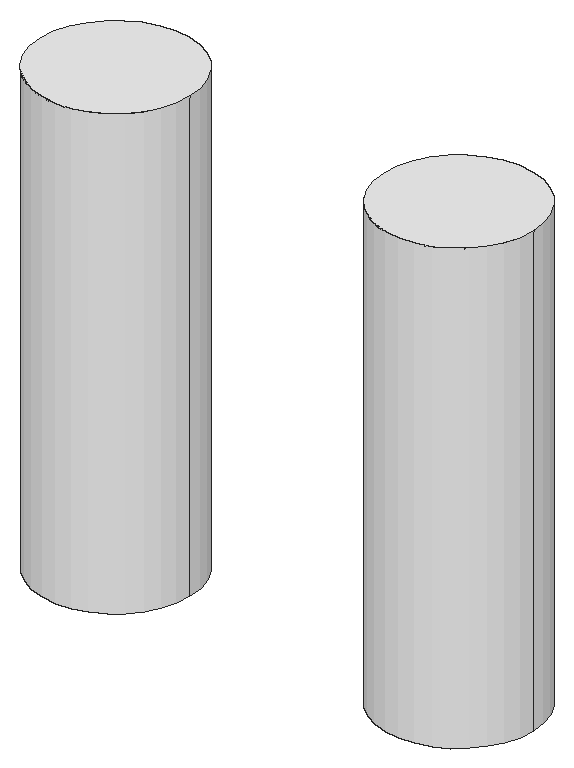
Revit family "56391103", category Plumbing Fixtures, Revit 2018
Family settings
  Round Connector Dimension = Use Diameter
  Part Type = Normal
  OmniClass Number = 23.45.55.00
  OmniClass Title = Sanitary Faucets, Wastes
  Work Plane-Based = No
  Always vertical = Yes
  Cut with Voids When Loaded = No
  Shared = No
  Room Calculation Point = No
Parameters (values of type "56391103 Washbasin faucet, low pressure ")
  Working Pressure = "50 - 500 kPa"
  WarrantyStartDate [instance] = "n/a"
  WarrantyGuarantorParts = "n/a"
  WarrantyGuarantorLabor = "n/a"
  WarrantyDurationUnit = "Year"
  WarrantyDurationParts = "n/a"
  WarrantyDurationLabor = "n/a"
  WarrantyDescription = "http://warranty.hansa.com"
  Warranty Information URL = "http://warranty.hansa.com"
  VersionDate = "01/07/2022"
  Version = "3"  # constant formula
  ValvePattern = "n/a"
  ValveOperation = "n/a"
  ValveMechanism = "n/a"
  Uniclass2015Reference = "Pr_40_20_87_96"
  Uniclass2015Description = "Washbasin manual water supply sets"
  Uniclass2 = "Pr_40_30_96_96"
  URL REACH = "http://static.hansa.com/doc/reach"
  URL Declaration of Conformity = "http://static.hansa.com/DoC/56391103"
  URL = ""
  UNSPSC Class Number = "30181700 Faucets or taps"
  TestPressure = "n/a"
  Temperature Adjustments = "Limitation option for maximum temperature and flow-rate ;Adjustable hot water stop (included, retrofittable)"
  Technical DataSheet URL = "http://www.hansa.com/datasheet/56391103/en"
  TagNumber [instance] = "n/a"
  SustainabilityPerformance = "n/a"
  Surface treatment = "Chrome"
  Spout Type = "Fixed spout"
  Spout Projection = "102 mm"
  Spare-Part Information URL = "http://static.hansa.com/sp/56391103"
  Size = "50x155x135 mm"
  Shape = "Sculptured"
  SerialNumber [instance] = "n/a"
  Sales Package dimensions (LxWxH) = "673 x 195 x 81"
  Revision = "3"  # constant formula
  ReplacementCost = "n/a"
  ProductInformation = "n/a"
  Product URL = "http://static.hansa.com/56391103"
  Product Image URL = "http://static.hansa.com/image/56391103"
  Product Family = "HANSAPALENO "
  Product Code = "56391103"
  OperatingMechanismMaterial = "n/a"
  NominalWidth = 48.9 mm
  NominalHeight = 136 mm
  NominalDepth = 153 mm
  Noise Class = "I (ISO3822)"
  Name_en = "56391103 Washbasin faucet, low pressure"
  Name = "56391103 Washbasin faucet, low pressure"
  NBSReference = "45-35-70/371"
  NBSDescription = "Water supply fittings for wash basins and troughs"
  Mounting Holes = "1 hole"
  ModelReference = "56391103"
  ModelNumber = "n/a"
  Model = "56391103 Washbasin faucet, low pressure"
  Mobile Product Information URL = "http://mpi.hansa.com/56391103"
  Mechanical Parts = "ø 35 mm ceramic cartridge for flow and temperature control"
  Max. Hot Water Supply = 80 °C
  Material = "Brass"
  Market = "International;Germany;Austria;Switzerland;France;Italy"
  ManufacturerURL = "http://www.hansa.com"
  ManufacturerName = "HANSA"
  Manufacturer = "HANSA"
  Lever Handle = "Hot/Cold symbols;Single operating lever/handle"
  Interactive AR View URL = "https://static.hansa.com/AR/56391103"
  InstallationDate [instance] = "n/a"
  Installation and Maintenance Guide URL = "http://static.hansa.com/manual/56391103"
  Installation Type = "Deck mounted"
  InletConnectionSize = 10 mm
  IfcExportType = "FAUCET"  # constant formula
  IfcExportAs = "IfcValveType"  # constant formula
  Group = "Washbasin faucet"
  Grade = "n/a"
  FlowCoefficient = 0
  Flow Rate At 300kPa With Flow Reducers = 0.01 L/s
  Flow Drawing URL = "http://static.hansa.com/flowchart/56391103"
  Finish = "Polished"
  Features = "Single-lever;Low pressure"
  FaucetMainMaterial = Brass
  FDV Document URL = "http://www.hansa.com/datasheet/56391103/en/fdv"
  ExpectedLife = "n/a"
  ETIM Class Number = "EC011328 Washbasin mixing tap"
  EN Standard = "EN 817"
  EAN Number = "4057304012082"
  DurationUnit = "Year"
  Dimension Drawing URL = "http://static.hansa.com/dimdrw/56391103"
  Description = ""
  DefaultElevation [instance] = 900 mm
  Constituents = "n/a"
  Connection Size = "G3/8"
  Color = "Chrome"
  CodePerformance = "n/a"
  CloseOffRating = 0
  Category = "Bathroom"
  Catalog Drawing URL = "http://static.hansa.com/catdrw/56391103"
  Brand = "HANSA"
  BodyMaterial = "Brass"
  Barcode [instance] = "n/a"
  BIMObjectName = "56391103"
  Author = "BIMStone"
  AssetType = "Fixed"
  AssetIdentifier [instance] = "n/a"
  Aerator = "Laminar stream"
  Advanced Features = "3S-installation system for safe and simple mounting"
  AccessibilityPerformance = "n/a"
  3D View = "https://static.hansa.com/3D/56391103"
  2D/3D/BIM Files URL = "http://static.hansa.com/bim/56391103"
Reference planes
  plane 1 "Center (Front/Back)": y = 0
  plane 2: z = 0
  plane 3 "Center (Left/Right)": x = 0
  plane 4: x = -24.45
  plane 5: z = 900
  plane 6: z = 870
  plane 7: y = -153
  plane 8: x = 24.45
  plane 9: z = 1036
Forms (mm)
  Extrusion 1, solid, material "Brass" <- "FaucetMainMaterial"
    sketch origin (-44.989, -3.512, 0) x (1, 0, 0) y (0, 1, 0)
      loop
        circle (33.489, -36) r 5
      loop
        circle (56.489, -36) r 5
    from 870 to 900
Dimensions and locks
  "DefaultElevation": plane 5 to level
  locked: plane 5 to plane 6 at 30
  "NominalDepth": plane 7 to plane 1 "Center (Front/Back)"
  "NominalHeight": plane 9 to plane 5
  equal spacing: plane 4, plane 3 "Center (Left/Right)", plane 8
  "NominalWidth": plane 4 to plane 8
  "InletConnectionSize": diameter of Extrusion 1 sketch curve  (x2)
  aligned and locked: level to plane 2
  aligned and locked: plane 5 to Extrusion 1
  aligned and locked: Extrusion 1 to plane 6
  aligned and locked: nested 2 to plane 5
Automatic sketch dimensions
  Extrusion 1 sketch curve to plane 3 "Center (Left/Right)" = 11.5 mm
  plane 3 "Center (Left/Right)" to Extrusion 1 sketch curve = 11.5 mm
  plane 1 "Center (Front/Back)" to Extrusion 1 sketch curve = 39.512 mm  (x2)
Nested families
  nested 1: "Symbol" at (0, 0, 0), type "Symbol", detail levels coarse
  nested 2: "56391103_p" at (0, 0, 900), Main <- "FaucetMainMaterial", type "56391103_p"
    with Main Brass
Connectors
  piping at (-11.5, -39.512, 870), diameter 10, driven by "InletConnectionSize"
    settings: on Extrusion 1, index 1, connector inside diameter 609.6 mm, connector length 0 mm, flow factor 0, pipe flow 0.1 L/s, pressure drop 0.0 Pa, fitting loss kfactor 0, connector angle 0.00°, fixture units 0, engagement length 0 mm, angle of deflection 0.00°, flow configuration 1, flow direction 1, fitting loss method 0, system type 19, joint type 0, gender type 0, connector reference index -1, connector utility 0, adjustable connector no, is connector primary yes, connector description ""
  piping at (11.5, -39.512, 870), diameter 10, driven by "InletConnectionSize"
    settings: on Extrusion 1, index 2, connector inside diameter 609.6 mm, connector length 0 mm, flow factor 0, pipe flow 0.1 L/s, pressure drop 0.0 Pa, fitting loss kfactor 0, connector angle 0.00°, fixture units 0, engagement length 0 mm, angle of deflection 0.00°, flow configuration 1, flow direction 1, fitting loss method 0, system type 20, joint type 0, gender type 0, connector reference index -1, connector utility 0, adjustable connector no, is connector primary no, connector description ""
Definition of nested family "Symbol"
  Reference planes
    plane 1: y = 0
    plane 2: x = 0
  Lines and regions (mm)
    detail lines
      curve 1: line (0, 0, 0) -> (0, -1.8, 0)
      curve 2: line (-0.4, -1.1, 0) -> (0.4, -1.1, 0)
      curve 3: line (-0.4, -1.4, 0) -> (0.4, -1.4, 0)
      curve 4: line (0.863, 0, 0) -> (-0.863, 0, 0)
      curve 5: circle (-1.163, 0, 0) r 0.3 normal (0, 0, -1)
      curve 6: circle (1.163, 0, 0) r 0.3 normal (0, 0, 1)
Definition of nested family "56391103_p"
  Parameters (values of type "56391103_p")
    Main [instance] = none
  Reference planes
    plane 1 "Center (Front/Back)": y = 0
    plane 2: z = 0
    plane 3 "Center (Left/Right)": x = 0
    plane 4: x = -24.617
    plane 5: x = 24.617
    plane 6: y = -153.046
    plane 7: z = 135.82
  Forms (mm)
    Revolve 1, solid, material <- "Main", detail levels medium
      sketch origin (0, 0, 0) x (0, 1, 0) y (0, 0, 1)
        loop
          line (-13.867, -23.402) -> (-29.564, 156.008) -> (-52.982, 153.96) -> (-37.285, -25.451) -> (-13.867, -23.402)
        axis (-52.982, 153.96) -> (-37.285, -25.451)
      angle from 0 to 360
    Extrusion 2, void
      sketch origin (0, 0, 0) x (0, 1, 0) y (0, 0, 1)
        loop
          line (-84.903, 135.82) -> (-19.903, 135.82) -> (-19.903, 165.82) -> (-84.903, 165.82) -> (-84.903, 135.82)
        loop
          line (-67.585, 0) -> (-67.585, -35) -> (-7.585, -35) -> (-7.585, 0) -> (-67.585, 0)
      from -49.356 to 92.918
    Extrusion 3, solid, material <- "Main", detail levels medium
      sketch origin (0, 0, 0) x (1, 0, 0) y (0, 1, 0)
        loop
          line (-7.521, -92.482) -> (-6.93, -136.945)
          arc (-6.93, -136.945) -> (-6.646, -137.757) -> (-5.931, -138.234) r 1.354
          arc (-5.931, -138.234) -> (-2.992, -138.82) -> (0, -139.002) r 22.031
          arc (0, -139.002) -> (2.992, -138.82) -> (5.931, -138.234) r 22.031
          arc (5.931, -138.234) -> (6.646, -137.757) -> (6.93, -136.945) r 1.354
          line (6.93, -136.945) -> (7.521, -92.482)
          arc (7.521, -92.482) -> (8.321, -86.138) -> (10.649, -80.182) r 25.931
          arc (10.649, -80.182) -> (13.331, -75.755) -> (16.426, -71.606) r 53.655
          arc (16.426, -71.606) -> (18.861, -68.419) -> (21.056, -65.062) r 54.532
          arc (21.056, -65.062) -> (23.173, -57.28) -> (23.403, -49.217) r 34.087
          line (23.403, -49.217) -> (-23.403, -49.217)
          arc (-23.403, -49.217) -> (-23.173, -57.28) -> (-21.056, -65.062) r 34.087
          arc (-21.056, -65.062) -> (-18.861, -68.419) -> (-16.426, -71.606) r 54.532
          arc (-16.426, -71.606) -> (-13.331, -75.755) -> (-10.649, -80.182) r 53.655
          arc (-10.649, -80.182) -> (-8.321, -86.138) -> (-7.521, -92.482) r 25.931
      from 123.077 to 135.82
    Extrusion 4, solid, material <- "Main", detail levels medium
      sketch origin (0, 0, 0) x (0, 1, 0) y (0, 0, 1)
        loop
          line (-105.174, 93.823) -> (-151.944, 89.512)
          arc (-151.944, 89.512) -> (-152.971, 88.681) -> (-152.6, 87.413) r 1.191
          line (-152.6, 87.413) -> (-147.596, 83.214) -> (-151.649, 77.426) -> (-132.008, 63.673) -> (-129.158, 67.743) -> (-127.647, 66.475) -> (-52.466, 68.212) -> (-55.075, 98.033)
          arc (-55.075, 98.033) -> (-80.133, 96.03) -> (-105.174, 93.823) r 3101.602
      from -20 to 20
    Revolve 5, solid, material <- "Main", detail levels medium
      sketch origin (0, 0, 0) x (0, 1, 0) y (0, 0, 1)
        loop
          line (-18.79, 21.887) -> (-10.782, 43.888) -> (-12.429, 44.487) -> (-20.437, 22.486) -> (-18.79, 21.887)
        axis (-12.429, 44.487) -> (-20.437, 22.486)
      angle from 0 to 360
    Extrusion 6, solid, material <- "Main", detail levels medium
      sketch origin (0, 0, 0) x (0, 1, 0) y (0, 0, 1)
        loop
          arc (-6.214, 41.559) -> (-3.258, 41.771) -> (-0.722, 43.305) r 6.33
          line (-0.722, 43.305) -> (-0.022, 46.598)
          arc (-0.022, 46.598) -> (-0.165, 47.365) -> (-0.808, 47.808) r 1.02
          line (-0.808, 47.808) -> (-14.478, 50.713)
          arc (-14.478, 50.713) -> (-15.208, 50.578) -> (-15.628, 49.966) r 0.97
          line (-15.628, 49.966) -> (-16.428, 46.202)
          arc (-16.428, 46.202) -> (-16.421, 45.742) -> (-16.213, 45.33) r 1.029
          arc (-16.213, 45.33) -> (-15.437, 44.447) -> (-14.615, 43.607) r 21.863
          line (-14.615, 43.607) -> (-11.321, 42.408) -> (-6.214, 41.559)
      from -5 to 5
    Extrusion 7, solid, material <- "Main", detail levels coarse
      sketch origin (0, 0, 0) x (0, 1, 0) y (0, 0, 1)
        loop
          line (0, 0) -> (0, 135.82) -> (-153.046, 135.82) -> (-153.046, 0) -> (0, 0)
      from -24.617 to 24.617
  Cuts and joins
    Extrusion 2 cuts Revolve 1
    joined: Revolve 1, Extrusion 3, Extrusion 4, Revolve 5, Extrusion 6
  Lines and regions (mm)
    symbolic lines, detail levels medium+fine
      curve 1: arc (-10.483, -152.342, 0) -> (0.493, -153.044, 0) -> (11.459, -152.194, 0) r 77.963
      curve 2: line (-16.526, -145.907, 0) -> (-22.573, -61.775, 0)
      curve 3: arc (-10.483, -152.342, 0) -> (-14.647, -150.197, 0) -> (-16.526, -145.907, 0) r 7
      curve 4: arc (-24.617, -49.217, 0) -> (-24.331, -45.477, 0) -> (-23.48, -41.823, 0) r 24.617
      curve 5: arc (-23.48, -41.823, 0) -> (-22.352, -32.537, 0) -> (-17.956, -24.28, 0) r 25.54
      curve 6: arc (-17.956, -24.28, 0) -> (-12.813, -19.603, 0) -> (-6.464, -16.774, 0) r 21.896
      curve 7: arc (-6.464, -16.774, 0) -> (-4.283, -16.293, 0) -> (-2.068, -16.001, 0) r 26.072
      curve 8: line (-5, -4.907, 0) -> (-5, -11.473, 0)
      curve 9: arc (0, 0, 0) -> (-3.53, -1.404, 0) -> (-5, -4.907, 0) r 4.908
      curve 10: arc (-5, -11.473, 0) -> (-4.203, -14.17, 0) -> (-2.068, -16.001, 0) r 4.963
      curve 13: arc (-22.573, -61.775, 0) -> (-24.103, -55.579, 0) -> (-24.617, -49.217, 0) r 39.601
      curve 23: line (16.526, -145.907, 0) -> (22.573, -61.775, 0)
      curve 24: arc (10.483, -152.342, 0) -> (14.647, -150.197, 0) -> (16.526, -145.907, 0) r 7
      curve 25: arc (24.617, -49.217, 0) -> (24.331, -45.477, 0) -> (23.48, -41.823, 0) r 24.617
      curve 26: arc (23.48, -41.823, 0) -> (22.352, -32.537, 0) -> (17.956, -24.28, 0) r 25.54
      curve 27: arc (17.956, -24.28, 0) -> (12.813, -19.603, 0) -> (6.464, -16.774, 0) r 21.896
      curve 28: arc (6.464, -16.774, 0) -> (4.283, -16.293, 0) -> (2.068, -16.001, 0) r 26.072
      curve 29: line (5, -4.907, 0) -> (5, -11.473, 0)
      curve 30: arc (0, 0, 0) -> (3.53, -1.404, 0) -> (5, -4.907, 0) r 4.908
      curve 31: arc (5, -11.473, 0) -> (4.203, -14.17, 0) -> (2.068, -16.001, 0) r 4.963
      curve 34: arc (22.573, -61.775, 0) -> (24.103, -55.579, 0) -> (24.617, -49.217, 0) r 39.601
      curve 44: line (0, 0, 0) -> (-23.507, 0, 0)
      curve 45: line (-23.507, 0, 0) -> (-23.507, 0, 98.025)
      curve 46: line (-24.617, 0, 101.423) -> (-24.191, 0, 133.145)
      curve 47: line (0, 0, 135.82) -> (-5.848, 0, 135.82)
      curve 48: arc (-5.848, 0, 135.82) -> (-14.236, 0, 135.589) -> (-22.599, 0, 134.898) r 152.743
      curve 49: arc (-24.191, 0, 133.145) -> (-23.727, 0, 134.323) -> (-22.599, 0, 134.898) r 1.788
      curve 55: line (-22.622, 0, 100.367) -> (-22.757, 0, 98.832)
      curve 56: arc (-23.507, 0, 97.889) -> (-23.297, 0, 98.492) -> (-22.757, 0, 98.832) r 0.967
      curve 60: spline (-24.617, 0, 101.423) -> (-24.603, 0, 101.333) -> (-24.561, 0, 101.244) -> (-24.492, 0, 101.154) -> (-24.395, 0, 101.065) -> (-24.27, 0, 100.977) -> (-24.118, 0, 100.888) -> (-23.938, 0, 100.801) -> (-23.731, 0, 100.714) -> (-23.498, 0, 100.628) -> (-23.238, 0, 100.543) -> (-22.952, 0, 100.459) -> (-22.639, 0, 100.375)
      curve 71: line (0, 0, 0) -> (23.507, 0, 0)
      curve 72: line (23.507, 0, 0) -> (23.507, 0, 98.025)
      curve 73: line (24.617, 0, 101.423) -> (24.191, 0, 133.145)
      curve 74: line (0, 0, 135.82) -> (5.848, 0, 135.82)
      curve 75: arc (5.848, 0, 135.82) -> (14.236, 0, 135.589) -> (22.599, 0, 134.898) r 152.743
      curve 76: arc (24.191, 0, 133.145) -> (23.727, 0, 134.323) -> (22.599, 0, 134.898) r 1.788
      curve 82: line (22.622, 0, 100.367) -> (22.757, 0, 98.832)
      curve 83: arc (23.507, 0, 97.889) -> (23.297, 0, 98.492) -> (22.757, 0, 98.832) r 0.967
      curve 87: spline (24.617, 0, 101.423) -> (24.603, 0, 101.333) -> (24.561, 0, 101.244) -> (24.492, 0, 101.154) -> (24.395, 0, 101.065) -> (24.27, 0, 100.977) -> (24.118, 0, 100.888) -> (23.938, 0, 100.801) -> (23.731, 0, 100.714) -> (23.498, 0, 100.628) -> (23.238, 0, 100.543) -> (22.952, 0, 100.459) -> (22.639, 0, 100.375)
      curve 98: line (0, -15.915, 0) -> (0, -63.109, 0)
      curve 99: line (0, -24.711, 100.544) -> (0, -25.511, 100.479)
      curve 102: line (0, -15.915, 0) -> (0, -18.016, 24.014)
      curve 103: line (0, -63.109, 0) -> (0, -66.804, 42.234)
      curve 104: line (0, -94.73, 67.236) -> (0, -127.647, 66.475)
      curve 105: arc (0, -66.804, 42.234) -> (0, -75.822, 60.258) -> (0, -94.73, 67.236) r 27.397
      curve 106: arc (0, -71.573, 96.737) -> (0, -88.377, 95.326) -> (0, -105.174, 93.823) r 3101.602
      curve 107: arc (0, -25.511, 100.479) -> (0, -26.979, 106.263) -> (0, -29.941, 111.444) r 22.12
      curve 108: line (0, -70.804, 99.207) -> (0, -70.804, 96.8)
      curve 109: line (0, -72.546, 99.066) -> (0, -75.051, 116.246)
      curve 110: line (0, -25.765, 113.821) -> (0, -29.127, 133.304)
      curve 111: line (0, -83.102, 123.208) -> (0, -136.936, 123.208)
      curve 112: arc (0, -75.051, 116.246) -> (0, -77.78, 121.226) -> (0, -83.102, 123.208) r 8.136
      curve 113: arc (0, -138.384, 134.918) -> (0, -139.024, 129.669) -> (0, -138.447, 124.413) r 22.989
      curve 114: arc (0, -136.936, 123.208) -> (0, -137.902, 123.546) -> (0, -138.447, 124.413) r 1.55
      curve 115: line (0, -137.011, 136) -> (0, -92.029, 136)
      curve 116: arc (0, -138.384, 134.918) -> (0, -137.885, 135.697) -> (0, -137.011, 136) r 1.413
      curve 117: arc (0, -92.029, 136) -> (0, -78.127, 135.816) -> (0, -64.236, 135.262) r 523.836
      curve 118: line (0, -30.991, 134.874) -> (0, -49.162, 134.874)
      curve 119: arc (0, -64.236, 135.262) -> (0, -56.702, 134.965) -> (0, -49.162, 134.874) r 275.77
      curve 120: arc (0, -29.127, 133.304) -> (0, -29.773, 134.429) -> (0, -30.991, 134.874) r 1.891
      curve 121: line (0, -18.016, 24.014) -> (0, -11.321, 42.408)
      curve 122: line (0, -18.739, 32.278) -> (0, -14.615, 43.607)
      curve 124: line (0, -15.628, 49.966) -> (0, -16.428, 46.202)
      curve 125: line (0, -0.022, 46.598) -> (0, -0.659, 43.604)
      curve 126: line (0, -0.808, 47.808) -> (0, -14.478, 50.713)
      curve 127: arc (0, -14.478, 50.713) -> (0, -15.208, 50.578) -> (0, -15.628, 49.966) r 0.97
      curve 128: arc (0, -0.808, 47.808) -> (0, -0.165, 47.365) -> (0, -0.022, 46.598) r 1.02
      curve 129: line (0, -6.214, 41.559) -> (0, -11.321, 42.408)
      curve 130: arc (0, -16.428, 46.202) -> (0, -16.421, 45.742) -> (0, -16.213, 45.33) r 1.029
      curve 131: arc (0, -16.213, 45.33) -> (0, -15.437, 44.447) -> (0, -14.615, 43.607) r 21.863
      curve 132: arc (0, -0.988, 43.057) -> (0, -3.432, 41.718) -> (0, -6.214, 41.559) r 6.33
      curve 133: arc (0, -0.659, 43.604) -> (0, -0.777, 43.303) -> (0, -0.988, 43.057) r 0.981
      curve 135: line (0, -18.739, 32.278) -> (0, -24.711, 100.544)
      curve 136: line (0, -70.804, 99.207) -> (0, -72.546, 99.066)
      curve 137: line (0, -70.804, 96.8) -> (0, -71.573, 96.737)
      curve 138: line (0, -29.941, 111.444) -> (0, -25.765, 113.821)
      curve 140: line (0, -127.647, 66.475) -> (0, -129.158, 67.743)
      curve 141: line (0, -105.174, 93.823) -> (0, -151.944, 89.512)
      curve 142: arc (0, -151.944, 89.512) -> (0, -152.971, 88.681) -> (0, -152.6, 87.413) r 1.191
      curve 143: line (0, -151.649, 77.426) -> (0, -132.008, 63.673)
      curve 144: line (0, -147.596, 83.214) -> (0, -151.649, 77.426)
      curve 145: line (0, -129.158, 67.743) -> (0, -132.008, 63.673)
      curve 146: line (0, -147.596, 83.214) -> (0, -152.6, 87.413)
    symbolic lines, detail levels fine
      curve 11: line (-1.745, -16.132, 0) -> (-1.745, -18.401, 0)
      curve 12: spline (-1.745, -18.401, 0) -> (-1.73, -18.523, 0) -> (-1.685, -18.642, 0) -> (-1.612, -18.758, 0) -> (-1.511, -18.867, 0) -> (-1.384, -18.968, 0) -> (-1.234, -19.06, 0) -> (-1.062, -19.14, 0) -> (-0.872, -19.208, 0) -> (-0.668, -19.261, 0) -> (-0.451, -19.301, 0) -> (-0.228, -19.324, 0) -> (0, -19.332, 0)
      curve 14: arc (-21.056, -65.062, 0) -> (-21.905, -63.461, 0) -> (-22.573, -61.775, 0) r 16.527
      curve 15: arc (-16.426, -71.606, 0) -> (-18.861, -68.419, 0) -> (-21.056, -65.062, 0) r 54.532
      curve 16: arc (-10.649, -80.182, 0) -> (-13.331, -75.755, 0) -> (-16.426, -71.606, 0) r 53.655
      curve 17: arc (-7.521, -92.482, 0) -> (-8.321, -86.138, 0) -> (-10.649, -80.182, 0) r 25.931
      curve 18: line (-7.521, -92.482, 0) -> (-6.93, -136.945, 0)
      curve 19: arc (-5.931, -138.234, 0) -> (-2.992, -138.82, 0) -> (0, -139.002, 0) r 22.031
      curve 20: arc (-6.93, -136.945, 0) -> (-6.646, -137.757, 0) -> (-5.931, -138.234, 0) r 1.354
      curve 21: arc (-23.48, -41.823, 0) -> (-14.56, -29.367, 0) -> (0, -24.6, 0) r 24.617
      curve 22: arc (-2.068, -16.001, 0) -> (-1.057, -16.33, 0) -> (0, -16.435, 0) r 4.963
      curve 32: line (1.745, -16.132, 0) -> (1.745, -18.401, 0)
      curve 33: spline (1.745, -18.401, 0) -> (1.73, -18.523, 0) -> (1.685, -18.642, 0) -> (1.612, -18.758, 0) -> (1.511, -18.867, 0) -> (1.384, -18.968, 0) -> (1.234, -19.06, 0) -> (1.062, -19.14, 0) -> (0.872, -19.208, 0) -> (0.668, -19.261, 0) -> (0.451, -19.301, 0) -> (0.228, -19.324, 0) -> (0, -19.332, 0)
      curve 35: arc (21.056, -65.062, 0) -> (21.905, -63.461, 0) -> (22.573, -61.775, 0) r 16.527
      curve 36: arc (16.426, -71.606, 0) -> (18.861, -68.419, 0) -> (21.056, -65.062, 0) r 54.532
      curve 37: arc (10.649, -80.182, 0) -> (13.331, -75.755, 0) -> (16.426, -71.606, 0) r 53.655
      curve 38: arc (7.521, -92.482, 0) -> (8.321, -86.138, 0) -> (10.649, -80.182, 0) r 25.931
      curve 39: line (7.521, -92.482, 0) -> (6.93, -136.945, 0)
      curve 40: arc (5.931, -138.234, 0) -> (2.992, -138.82, 0) -> (0, -139.002, 0) r 22.031
      curve 41: arc (6.93, -136.945, 0) -> (6.646, -137.757, 0) -> (5.931, -138.234, 0) r 1.354
      curve 42: arc (23.48, -41.823, 0) -> (14.56, -29.367, 0) -> (0, -24.6, 0) r 24.617
      curve 43: arc (2.068, -16.001, 0) -> (1.057, -16.33, 0) -> (0, -16.435, 0) r 4.963
      curve 50: arc (-6.756, 0, 134.058) -> (-6.963, 0, 129.627) -> (-6.756, 0, 125.196) r 47.666
      curve 51: arc (-5.128, 0, 135.675) -> (-6.235, 0, 135.162) -> (-6.756, 0, 134.058) r 1.79
      curve 52: arc (-2.068, 0, 135.82) -> (-3.599, 0, 135.777) -> (-5.128, 0, 135.675) r 39.282
      curve 53: arc (-6.756, 0, 125.196) -> (-6.258, 0, 124.11) -> (-5.191, 0, 123.571) r 1.809
      curve 54: arc (-5.191, 0, 123.571) -> (-2.601, 0, 123.329) -> (0, 0, 123.281) r 34.732
      curve 57: spline (-22.757, 0, 98.832) -> (-22.562, 0, 98.576) -> (-21.981, 0, 98.323) -> (-21.024, 0, 98.079) -> (-19.707, 0, 97.849) -> (-18.053, 0, 97.635) -> (-16.091, 0, 97.441) -> (-13.852, 0, 97.272) -> (-11.377, 0, 97.129) -> (-8.708, 0, 97.015) -> (-5.889, 0, 96.932) -> (-2.97, 0, 96.882) -> (0, 0, 96.865)
      curve 58: line (-23.507, 0, 87.376) -> (-16.905, 0, 74.958)
      curve 59: arc (-16.905, 0, 74.958) -> (-14.342, 0, 71.239) -> (-11, 0, 68.199) r 19.74
      curve 61: arc (-13.632, 0, 86.46) -> (-6.829, 0, 87.082) -> (0, 0, 87.29) r 112.335
      curve 62: line (-23.507, 0, 98.025) -> (-17.405, 0, 88.261)
      curve 63: arc (-17.405, 0, 88.261) -> (-15.781, 0, 86.811) -> (-13.632, 0, 86.46) r 3.893
      curve 64: spline (0, 0, 64.492) -> (-2.773, 0, 64.701) -> (-5.358, 0, 65.313) -> (-7.577, 0, 66.285) -> (-9.28, 0, 67.553) -> (-10.351, 0, 69.029) -> (-10.716, 0, 70.613) -> (-10.351, 0, 72.198) -> (-9.28, 0, 73.674) -> (-7.577, 0, 74.941) -> (-5.358, 0, 75.914) -> (-2.773, 0, 76.526) -> (0, 0, 76.734)
      curve 65: line (-11, 0, 76.576) -> (-11, 0, 68.199)
      curve 66: arc (-11, 0, 76.576) -> (-11.983, 0, 73.761) -> (-11, 0, 70.946) r 4.519
      curve 67: arc (-11.983, 0, 73.761) -> (-11.352, 0, 77.899) -> (-8.48, 0, 80.944) r 7.028
      curve 68: arc (-8.48, 0, 80.944) -> (-4.383, 0, 82.589) -> (0, 0, 83.121) r 16.963
      curve 69: arc (-11, 0, 68.199) -> (-5.857, 0, 65.287) -> (0, 0, 64.492) r 15.628
      curve 70: spline (-22.639, 0, 100.375) -> (-21.593, 0, 100.142) -> (-20.343, 0, 99.921) -> (-18.901, 0, 99.714) -> (-17.28, 0, 99.523) -> (-15.496, 0, 99.35) -> (-13.565, 0, 99.197) -> (-11.506, 0, 99.065) -> (-9.338, 0, 98.955) -> (-7.082, 0, 98.868) -> (-4.759, 0, 98.806) -> (-2.391, 0, 98.768) -> (0, 0, 98.756)
      curve 77: arc (6.756, 0, 134.058) -> (6.963, 0, 129.627) -> (6.756, 0, 125.196) r 47.666
      curve 78: arc (5.128, 0, 135.675) -> (6.235, 0, 135.162) -> (6.756, 0, 134.058) r 1.79
      curve 79: arc (2.068, 0, 135.82) -> (3.599, 0, 135.777) -> (5.128, 0, 135.675) r 39.282
      curve 80: arc (6.756, 0, 125.196) -> (6.258, 0, 124.11) -> (5.191, 0, 123.571) r 1.809
      curve 81: arc (5.191, 0, 123.571) -> (2.601, 0, 123.329) -> (0, 0, 123.281) r 34.732
      curve 84: spline (22.757, 0, 98.832) -> (22.562, 0, 98.576) -> (21.981, 0, 98.323) -> (21.024, 0, 98.079) -> (19.707, 0, 97.849) -> (18.053, 0, 97.635) -> (16.091, 0, 97.441) -> (13.852, 0, 97.272) -> (11.377, 0, 97.129) -> (8.708, 0, 97.015) -> (5.889, 0, 96.932) -> (2.97, 0, 96.882) -> (0, 0, 96.865)
      curve 85: line (23.507, 0, 87.376) -> (16.905, 0, 74.958)
      curve 86: arc (16.905, 0, 74.958) -> (14.342, 0, 71.239) -> (11, 0, 68.199) r 19.74
      curve 88: arc (13.632, 0, 86.46) -> (6.829, 0, 87.082) -> (0, 0, 87.29) r 112.335
      curve 89: line (23.507, 0, 98.025) -> (17.405, 0, 88.261)
      curve 90: arc (17.405, 0, 88.261) -> (15.781, 0, 86.811) -> (13.632, 0, 86.46) r 3.893
      curve 91: spline (0, 0, 64.492) -> (2.773, 0, 64.701) -> (5.358, 0, 65.313) -> (7.577, 0, 66.285) -> (9.28, 0, 67.553) -> (10.351, 0, 69.029) -> (10.716, 0, 70.613) -> (10.351, 0, 72.198) -> (9.28, 0, 73.674) -> (7.577, 0, 74.941) -> (5.358, 0, 75.914) -> (2.773, 0, 76.526) -> (0, 0, 76.734)
      curve 92: line (11, 0, 76.576) -> (11, 0, 68.199)
      curve 93: arc (11, 0, 76.576) -> (11.983, 0, 73.761) -> (11, 0, 70.946) r 4.519
      curve 94: arc (11.983, 0, 73.761) -> (11.352, 0, 77.899) -> (8.48, 0, 80.944) r 7.028
      curve 95: arc (8.48, 0, 80.944) -> (4.383, 0, 82.589) -> (0, 0, 83.121) r 16.963
      curve 96: arc (11, 0, 68.199) -> (5.857, 0, 65.287) -> (0, 0, 64.492) r 15.628
      curve 97: spline (22.639, 0, 100.375) -> (21.593, 0, 100.142) -> (20.343, 0, 99.921) -> (18.901, 0, 99.714) -> (17.28, 0, 99.523) -> (15.496, 0, 99.35) -> (13.565, 0, 99.197) -> (11.506, 0, 99.065) -> (9.338, 0, 98.955) -> (7.082, 0, 98.868) -> (4.759, 0, 98.806) -> (2.391, 0, 98.768) -> (0, 0, 98.756)
      curve 100: line (0, -48.218, 101.042) -> (0, -29.941, 111.444)
      curve 101: line (0, -48.218, 101.042) -> (0, -70.804, 99.207)
      curve 123: line (0, -11.321, 42.408) -> (0, -14.615, 43.607)
      curve 134: line (0, -18.016, 24.014) -> (0, -18.739, 32.278)
      curve 139: line (0, -25.511, 100.479) -> (0, -70.804, 96.8)
      curve 147: line (0, -129.158, 67.743) -> (0, -147.596, 83.214)
  Dimensions and locks
    aligned and locked: level to plane 2
